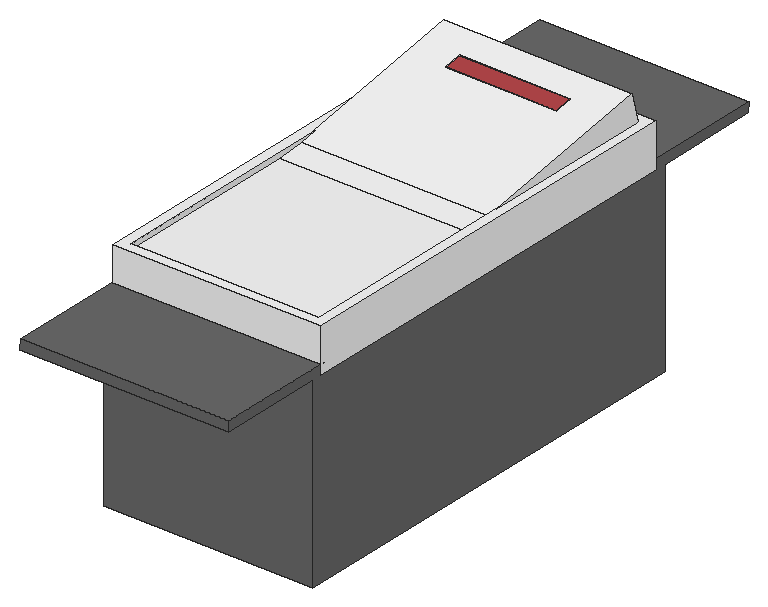
Revit family "Switch_Rocker_Leviton_Decora", category Electrical Fixtures, Revit 2026
Family settings
  Round Connector Dimension = Use Diameter
  Part Type = Normal
  Work Plane-Based = Yes
  Always vertical = No
  Cut with Voids When Loaded = No
  Maintain Annotation Orientation = No
  Shared = No
  Room Calculation Point = No
Parameters
  offset [instance] = 0' - 0"
  Warranty Duration (Years) = 0
  Voltage_MEP = 0 V
  Unit Width = 0' - 1 77/256"
  Unit Height = 0' - 4 15/256"
  Unit Depth = 0' - 1 41/256"
  URL = "http://www.leviton.com/OA_HTML/Home.jsp?minisite=10251&respid=22372"
  Termination = "as Specified"
  Switch Height = 0' - 2 159/256"
  Standards Conformance = "as Specified"
  Standard Switch = yes
  Specification = ""
  SpecWizard = ""
  Send Message = "http://www.arcat.com/users.pl?action=UserEmail&company=Leviton+Mfg.+Co.,+Inc.&coid=41690&rep=117&fax=631-812-6252&mf="
  Screw Mounts Location = 0' - 3 1/2"
  Sales Information = "http://www.leviton.com/OA_HTML/SectionDisplay.jsp?section=37579&minisite=10251"
  Revision = "R1_10-2012"
  Projection From Host = 0' - 0 115/256"
  Product Properties = ""
  Product Data = "http://arcat.com/arcatcos/cos41/arc41690.html?isac=1&r=1"
  Pilot Light Switch = yes
  Number of Poles = 1
  Model = "As Specified"
  Maximum Amperage = 0
  Manufacturer Website = "http://www.leviton.com/OA_HTML/Home.jsp?minisite=10251&respid=22372"
  Manufacturer Phone - Toll Free = "800-323-8920"
  Manufacturer Phone = ""
  Manufacturer Fax = "631-812-6252"
  Manufacturer Address = "201 N. Service Rd. Melville, NY 11747"
  Manufacturer = "Leviton Mfg. Co., Inc."
  Maintenance Schedule (Months) = 0
  MEP Apparent Power = 0 VA
  MEP Amperage = 0 A
  Light Color [instance] = Plastic - Leviton - Red
  Keynote = "16140"
  Installation-Fabrication = ""
  Installation Phase = "Electrical Wiring"
  HP Rating = "as Specified"
  Grounding = "as Specified"
  Green Building-LEED = ""
  Fixture Material = Thermoplastic - Leviton - White
  Fixture Grade = "as Specified"
  Fixture Application = "as Specified"
  Expected Lifespan (Years) = 0
  Drawn By = "Sumex Design, Inc. / Robert S. Weygant, CSI, CDT, SCIP"
  Description = "Leviton Product as Specified"
  Default Elevation = 4' - 0"
  Copyright = "©Arcat Inc."
  Construction Details = ""
  Fixture Height = 0' - 2 3/4"
  Backing Color = Thermoplastic - Leviton - Black
  Assembly Code = "D5020100"
  Acceptable Loads = "as Specified"
Reference planes (in)
  plane 1 "Center (Front/Back)": y = 0
  plane 2 "Bottom": z = 0
  plane 3 "Center (Left/Right)": x = 0
  plane 4 "Front": y = -2.0293
  plane 5 "Back": y = 2.0293
  plane 6 "Left": x = -0.65039
  plane 7 "Right": x = 0.65039
  plane 8 "Top": z = 0.44922
  plane 9: z = -1.16016
  plane 10: y = 1.31055
  plane 11: y = -1.31055
  plane 12: z = 0.27383
  plane 13: y = 1.375
  plane 14: y = -1.375
  plane 15: y = 1.75
  plane 16: y = -1.75
Forms (in)
  Extrusion 1, solid, material "Thermoplastic - Leviton - White" <- "Fixture Material"
    sketch origin (0, 0, 0) x (1, 0, 0) y (0, 1, 0)
      loop
        line (-0.65039, 1.31055) -> (-0.65039, -1.31055) -> (0.65039, -1.31055) -> (0.65039, 1.31055) -> (-0.65039, 1.31055)
      loop
        line (-0.58789, -1.24805) -> (0.58789, -1.24805) -> (0.58789, 1.24805) -> (-0.58789, 1.24805) -> (-0.58789, -1.24805)
    from 0 to 0.27383
  Extrusion 2, solid, material "Thermoplastic - Leviton - White" <- "Fixture Material", visible <- "Standard Switch"
    sketch origin (0, 0, 0) x (0, 1, 0) y (0, 0, 1)
      loop
        line (1.24805, 0.27383) -> (1.20105, 0.44922) -> (0.08424, 0.25688)
        arc (0.08424, 0.25688) -> (-0.00031, 0.246) -> (-0.08548, 0.24237) r 1
        line (-0.08548, 0.24237) -> (-1.24805, 0.24237) -> (-1.24805, 0) -> (1.24805, 0) -> (1.24805, 0.27383)
    from -0.58789 to 0.58789
  Extrusion 3, solid, material "Thermoplastic - Leviton - White" <- "Fixture Material", visible <- "Pilot Light Switch"
    sketch origin (0, 0, 0) x (0, 1, 0) y (0, 0, 1)
      loop
        line (1.24805, 0.27383) -> (1.20105, 0.44922) -> (0.08424, 0.25688)
        arc (0.08424, 0.25688) -> (-0.00031, 0.246) -> (-0.08548, 0.24237) r 1
        line (-0.08548, 0.24237) -> (-1.24805, 0.24237) -> (-1.24805, 0) -> (1.24805, 0) -> (1.24805, 0.27383)
    from -0.58789 to 0.58789
  Extrusion 4, void
    sketch origin (0, 0, 0) x (1, 0, 0) y (0, 1, 0)
      loop
        line (-0.34573, 1.01826) -> (-0.34573, 0.91125) -> (0.34573, 0.91125) -> (0.34573, 1.01826) -> (-0.34573, 1.01826)
    from 0.30423 to 0.44922
  Extrusion 5, solid, material "Plastic - Leviton - Red" <- "Light Color", visible <- "Pilot Light Switch"
    sketch origin (0, 0, 0) x (0, 1, 0) y (0, 0, 1)
      loop
        line (0.91125, 0.39931) -> (0.91125, 0.30423) -> (1.01826, 0.30423) -> (1.01826, 0.41774) -> (0.91125, 0.39931)
    from -0.34573 to 0.34573
  Extrusion 6, solid, material "Thermoplastic - Leviton - Black" <- "Backing Color"
    sketch origin (0, 0, 0) x (0, 1, 0) y (0, 0, 1)
      loop
        line (-2.0293, 0.0625) -> (-2.0293, 0) -> (-1.375, 0) -> (-1.375, -1.16016) -> (1.375, -1.16016) -> (1.375, 0) -> (2.0293, 0) -> (2.0293, 0.0625) -> (-2.0293, 0.0625)
    from -0.65039 to 0.65039
Cuts and joins
  Extrusion 4 cuts Extrusion 3
  Extrusion 4 cuts Extrusion 1
Dimensions and locks (in)
  equal spacing: plane 6 "Left", plane 3 "Center (Left/Right)", plane 7 "Right"
  "Unit Width": plane 6 "Left" to plane 7 "Right"
  equal spacing: plane 5 "Back", plane 1 "Center (Front/Back)", plane 4 "Front"
  "Unit Height": plane 5 "Back" to plane 4 "Front"
  "Projection From Host": plane 8 "Top" to level
  "Unit Depth": level to plane 9
  equal spacing: plane 10, plane 1 "Center (Front/Back)", plane 11
  "Switch Height": plane 10 to plane 11
  plane 8 "Top" to Extrusion 2 sketch curve to Extrusion 2 sketch curve to Extrusion 2 sketch curve = 0' - 0" locked, 0' - 0.17539" locked, 0' - 0.27383"
  locked: plane 11 to Extrusion 2 sketch curve at 0.0625
  locked: Extrusion 2 sketch curve to plane 10 at 0.0625
  locked: plane 12 to plane 8 "Top" at 0.17539
  locked: plane 6 "Left" to Extrusion 1 sketch curve at 0.0625
  locked: Extrusion 1 sketch curve to plane 7 "Right" at 0.0625
  locked: plane 10 to Extrusion 1 sketch curve at 0.0625
  locked: Extrusion 1 sketch curve to plane 11 at 0.0625
  locked: plane 8 "Top" to Extrusion 2 sketch curve at 0.20685
  equal spacing: plane 13, plane 1 "Center (Front/Back)", plane 14
  "Fixture Height": plane 13 to plane 14
  equal spacing: plane 15, plane 1 "Center (Front/Back)", plane 16
  "Screw Mounts Location": plane 15 to plane 16
  Extrusion 3 sketch curve to Extrusion 3 sketch curve to Extrusion 3 sketch curve = 0' - 0.17539" locked, 0' - 0.27383" locked
  plane 8 "Top" to Extrusion 5 sketch curve to Extrusion 5 sketch curve to Extrusion 5 sketch curve = 0' - 0.03148" locked, 0' - 0.01843" locked, 0' - 0.09508" locked
  locked: Extrusion 6 sketch curve to level at 0.0625
  radius of Extrusion 2 sketch curve = 0' - 1"
  radius of Extrusion 3 sketch curve = 0' - 1"
  aligned and locked: plane 6 "Left" to Extrusion 1 sketch curve
  aligned and locked: Extrusion 1 sketch curve to plane 10
  aligned and locked: plane 11 to Extrusion 1 sketch curve
  aligned and locked: Extrusion 1 sketch curve to plane 7 "Right"
  aligned and locked: Extrusion 1 to plane 12
  aligned and locked: Extrusion 2 to Extrusion 1  (x2)
  aligned and locked: Extrusion 3 to Extrusion 1  (x2)
  aligned and locked: plane 8 "Top" to Extrusion 4
  aligned and locked: Extrusion 5 to cut or joined group of Extrusion 3, Extrusion 4  (x2)
  aligned and locked: Extrusion 6 sketch curve to plane 14
  aligned and locked: Extrusion 6 sketch curve to plane 4 "Front"
  aligned and locked: plane 5 "Back" to Extrusion 6 sketch curve
  aligned and locked: Extrusion 6 sketch curve to plane 9
  aligned and locked: plane 13 to Extrusion 6 sketch curve
  aligned and locked: Extrusion 6 to plane 6 "Left"
  aligned and locked: plane 7 "Right" to Extrusion 6
Automatic sketch dimensions
  plane 6 "Left" to Extrusion 4 sketch curve = 0' - 0.30466"
  Extrusion 4 sketch curve to plane 7 "Right" = 0' - 0.30466"
  Extrusion 4 sketch curve to plane 10 = 0' - 0.39929"
  Extrusion 4 sketch curve to Extrusion 4 sketch curve = 0' - 0.10701"
  Extrusion 5 sketch curve to plane 10 = 0' - 0.39929"
  Extrusion 5 sketch curve to Extrusion 5 sketch curve = 0' - 0.10701"
  Extrusion 3 sketch curve to level = 0' - 0"
  plane 11 to Extrusion 3 sketch curve = 0' - 0 1/16"
  plane 12 to Extrusion 3 sketch curve = 0' - 0.03146"
  plane 1 "Center (Front/Back)" to Extrusion 3 sketch curve = 0' - 0.08548"
  plane 12 to Extrusion 3 sketch curve = 0' - 0.01695"
  Extrusion 3 sketch curve to plane 10 = 0' - 0.1095"
  Extrusion 3 sketch curve to plane 10 = 0' - 0 1/16"
  plane 1 "Center (Front/Back)" to Extrusion 2 sketch curve = 0' - 0.08548"
  plane 12 to Extrusion 2 sketch curve = 0' - 0.01695"
  Extrusion 2 sketch curve to plane 10 = 0' - 0.1095"
  Extrusion 6 sketch curve to level = 0' - 0"  (x2)
Connectors (in)
  electrical at (0, 0, 0)
    settings: index 1, voltage 0 V, apparent load 0 VA, apparent load phase1 0 VA, apparent load phase2 0 VA, apparent load phase3 0 VA, power factor 1, load classification "Other", number of poles 1, system type 31, power factor state 1, is connector primary yes, connector utility no, sub classification motor no, connector description ""
